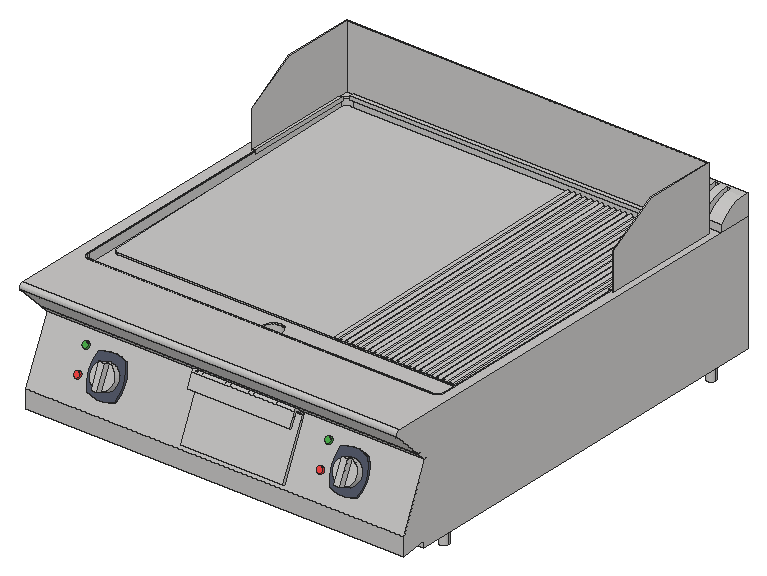
Revit family "QF_ELECTROLUXPROFESSIONAL_391358_E9IIMDAOMEA", category Specialty Equipment, Revit 2018
Family settings
  Round Connector Dimension = Use Diameter
  Part Type = Normal
  Work Plane-Based = No
  Always vertical = Yes
  Cut with Voids When Loaded = No
  Shared = No
  Room Calculation Point = No
Parameters
  Width = 800 mm  # constant formula
  Weight in Pounds = 105  # constant formula
  Watts = 15000 VA  # 15000 W
  Volts = 400 V  # constant formula
  URL Cutsheet = "www.electrolux.com"
  URL = "www.electrolux.com"
  Type Mark [instance] = ""
  Status [instance] = ""
  Specification by User [instance] = ""
  Specification by Manufacturer = ""
  Show Logo [instance] = yes
  Show Clearance [instance] = yes
  Serial Number = ""
  Seismic Rating = ""
  SMACNA No = ""
  Revision Code [instance] = ""
  Phase = 3
  Omniclass Number and Title = ""
  Number of Poles [instance] = 1
  NAFEM Spec ID Number = ""
  Model = "391070"
  Min Ckt Ampacity = 0 A
  Max Overcurrent Protection = 0 A
  Masterspec = ""
  Manufacturer = "ELECTROLUX"
  Item Number [instance] = ""
  Installed By [instance] = ""
  Identify Quantity as Lot [instance] = yes
  HP = "20.1 HP"
  Furnished By [instance] = ""
  Foodservice Equipment Identifier [instance] = yes
  FL Amps = if(Phase = 3, Watts / (Volts * 1.73), Watts / Volts)  # 21.6763 A
  Electrical Remarks [instance] = "400 V/3N ph/50/60 Hz"  # constant formula
  Electric Connection Type [instance] = ""
  Elec Conn RI Height [instance] = 0 mm
  Elec Conn Connection Height [instance] = 0 mm
  Direct Waste Size = 0"
  Description = "900XP FULL MODULE ELECTRIC FRY TOP, 2/3 SMOOTH - 1/3 RIBBED SLOPED PLATE, MILD STEEL - 400 V"
  Depth = 930 mm  # constant formula
  Cycle [instance] = if([60 Hertz Option], 60 Hz, 50 Hz)  # 60 Hz
  Conn Plug = ""
  Conn Conduit = yes
  CSI MasterFormat = ""
  CSI Master Format = ""
  Apparent Power = if(Phase = 3, Volts * FL Amps * 1.73, Volts * FL Amps)  # 15000 VA
  60 Hertz Option [instance] = not([50 Hertz Option])  # yes
  50 Hertz Option [instance] = no
Reference planes
  plane 1 "BACK": y = 0
  plane 2: z = 0
  plane 3 "LEFT": x = 0
  plane 4 "RIGHT": x = 800
  plane 5 "FRONT": y = -930
  plane 6 "TOP": z = 275
  plane 7 "Center Y": x = 400
  plane 8 "Center X": y = -465
  plane 9: y = -1045
  plane 10: z = 24
  plane 11: z = 290
  plane 12: z = 410
  plane 13: x = 11
  plane 14: x = 789
Forms (mm)
  Extrusion 1, solid, material "QF_Finishes_Stainless Steel"
    sketch origin (0, 0, 0) x (0, 1, 0) y (0, 0, 1)
      loop
        line (0, 275) -> (-922.686, 275)
        arc (-922.686, 275) -> (-929.443, 270.485) -> (-927.858, 262.514) r 7.314
        line (-927.858, 262.514) -> (-873.907, 208.563) -> (-865.773, 208.563) -> (-865.773, 206.447) -> (-871.79, 206.447) -> (-858.907, 193.563) -> (-850.773, 193.563) -> (-850.773, 191.447) -> (-856.79, 191.447) -> (-913.146, 69.003) -> (-913.146, 30.903) -> (-859.774, 36.513) -> (-859.774, 24) -> (0, 24) -> (0, 275)
    from 0 to 800
  Extrusion 2, solid, material "QF_Finishes_Stainless Steel"
    sketch origin (0, -1, 0) x (1, 0, 0) y (0, 1, 0)
      loop
        circle (11, -82) r 9.525
      loop
        circle (11, -790) r 9.525
      loop
        circle (789, -82) r 9.525
      loop
        circle (789, -790) r 9.525
    from 0 to 24
  Extrusion 3, solid, material "QF_Finishes_Stainless Steel"
    sketch origin (635, 190.152, 275) x (0, -1, 0) y (1, 0, 0)
      loop
        line (273.542, 147.97) -> (273.542, -617.97) -> (275.13, -617.97) -> (275.13, 147.97) -> (273.542, 147.97)
    from 0 to 135
  Extrusion 4, void
    sketch origin (0, 0, 275) x (0, -1, 0) y (1, 0, 0)
      loop
        arc (92.539, 37.03) -> (96.932, 26.423) -> (107.539, 22.03) r 15
        line (107.539, 22.03) -> (777.539, 22.03)
        arc (777.539, 22.03) -> (788.145, 26.423) -> (792.539, 37.03) r 15
        line (792.539, 37.03) -> (792.539, 762.97)
        arc (792.539, 762.97) -> (788.145, 773.577) -> (777.539, 777.97) r 15
        line (777.539, 777.97) -> (107.539, 777.97)
        arc (107.539, 777.97) -> (96.932, 773.577) -> (92.539, 762.97) r 15
        line (92.539, 762.97) -> (92.539, 37.03)
    from 0 to -21.588
  Sweep 5, solid, material "QF_Finishes_Stainless Steel"
    path origin (0, 0, 0) x (1, 0, 0) y (0, 1, 0)
      loop
        line (22.03, -107.539) -> (22.03, -777.539)
        arc (22.03, -777.539) -> (26.423, -788.145) -> (37.03, -792.539) r 15
        line (37.03, -792.539) -> (762.97, -792.539)
        arc (762.97, -792.539) -> (773.577, -788.145) -> (777.97, -777.539) r 15
        line (777.97, -777.539) -> (777.97, -107.539)
        arc (777.97, -107.539) -> (773.577, -96.932) -> (762.97, -92.539) r 15
        line (762.97, -92.539) -> (37.03, -92.539)
        arc (37.03, -92.539) -> (26.423, -96.932) -> (22.03, -107.539) r 15
    profile origin (22.03, -442.539, 0) x (1, 0, 0) y (0, 0, 1)
      loop
        line (0, 255) -> (1.588, 255) -> (1.588, 272.855)
        arc (1.588, 272.855) -> (1.147, 274.189) -> (0, 275) r 2.242
        line (0, 275) -> (0, 255)
  Extrusion 6, solid, material "QF_Finishes_Stainless Steel"
    sketch origin (0, 0, 0) x (1, 0, 0) y (0, 0, 1)
      loop
        line (17.03, 275.856) -> (23.926, 275.856) -> (23.926, 270.856) -> (25.514, 270.856) -> (25.514, 277.444) -> (17.03, 277.444) -> (17.03, 275.856)
      loop
        line (782.97, 275.856) -> (782.97, 277.444) -> (774.486, 277.444) -> (774.486, 270.856) -> (776.074, 270.856) -> (776.074, 275.856) -> (782.97, 275.856)
    from 105.541 to 335.39
  Extrusion 7, solid, material "QF_Finishes_Stainless Steel"
    sketch origin (0, 0, 0) x (0, 1, 0) y (0, 0, 1)
      loop
        line (-94.126, 270.856) -> (-94.126, 275.856) -> (-84.978, 275.856) -> (-84.978, 277.444) -> (-95.714, 277.444) -> (-95.714, 270.856) -> (-94.126, 270.856)
    from 32.03 to 767.97
  Extrusion 8, solid, material "QF_Finishes_Stainless Steel"
    sketch origin (0, -101.6, 24) x (-1, 0, 0) y (0, 1, 0)
      loop
        circle (-740, -482.4) r 6.35
    from 0 to 5
  Extrusion 9, solid, material "QF_Clearances", visible <- "Show Clearance", detail levels coarse
    sketch origin (0, 0, 0) x (1, 0, 0) y (0, 1, 0)
      loop
        line (0, 0) -> (800, 0) -> (800, -930) -> (900, -930) -> (900, 100) -> (-100, 100) -> (-100, -930) -> (0, -930) -> (0, 0)
    from 0 to 410
  Extrusion 10, solid, material "QF_Finishes_Stainless Steel"
    sketch origin (0, 0, 0) x (0, 1, 0) y (0, 0, 1)
      loop
        line (-792.539, 255) -> (-792.539, 253.413) -> (-92.539, 253.413) -> (-92.539, 255) -> (-792.539, 255)
    from 22.03 to 777.97
  Extrusion 11, solid, material "QF_Finishes_Stainless Steel"
    sketch origin (445, 0, 0) x (0, 1, 0) y (0, 0, 1)
      loop
        line (-858.205, 188.372) -> (-874.612, 204.778)
        arc (-874.612, 204.778) -> (-879.079, 206.181) -> (-882.783, 203.316) r 5.058
        line (-882.783, 203.316) -> (-895.445, 175.806) -> (-892.561, 174.479) -> (-879.899, 201.989)
        arc (-879.899, 201.989) -> (-878.52, 203.055) -> (-876.857, 202.533) r 1.883
        line (-876.857, 202.533) -> (-862.014, 187.69) -> (-912.848, 77.245) -> (-909.964, 75.918) -> (-858.205, 188.372)
    from -117.029 to 100
  Extrusion 12, solid, material "QF_Door-Drawer Clearances", visible <- "Show Clearance", detail levels coarse
    sketch origin (445, 0, 0) x (0, 1, 0) y (0, 0, 1)
      loop
        line (-1024.713, 174.479) -> (-1012.051, 201.989)
        arc (-1012.051, 201.989) -> (-1010.672, 203.055) -> (-1009.009, 202.533) r 1.883
        line (-1009.009, 202.533) -> (-994.166, 187.69) -> (-1045, 77.245) -> (-1042.116, 75.918) -> (-909.964, 75.918) -> (-858.205, 188.372) -> (-874.612, 204.778)
        arc (-874.612, 204.778) -> (-875.847, 205.685) -> (-877.298, 206.181) r 5.058
        line (-877.298, 206.181) -> (-1011.231, 206.181)
        arc (-1011.231, 206.181) -> (-1013.435, 205.203) -> (-1014.935, 203.316) r 5.058
        line (-1014.935, 203.316) -> (-1027.597, 175.806) -> (-1024.713, 174.479)
    from -117.029 to 100
  Extrusion 13, void
    sketch origin (328.121, 0, 0) x (1, 0, 0) y (0, 1, 0)
      loop
        circle (71.879, -758.736) r 20
    from 235.859 to 256.719
  Extrusion 14, solid, material "QF_Finishes_Stainless Steel"
    sketch origin (0, 0, 0) x (0, 1, 0) y (0, 0, 1)
      loop
        line (-83.39, 410) -> (-235.39, 410) -> (-335.39, 352.265) -> (-335.39, 275) -> (-83.39, 275) -> (-83.39, 410)
    from 15.442 to 17.03
  Extrusion 15, solid, material "QF_Finishes_Navy Blue"
    sketch origin (302.956, -912.449, 70.59) x (0, 0.419232, 0.907879) y (-1, 0, 0)
      loop
        arc (102.26, -332.62) -> (66.843, -325.139) -> (31.333, -332.16) r 90.355
        arc (31.333, -332.16) -> (24.504, -361.269) -> (31.333, -390.378) r 65.456
        arc (31.333, -390.378) -> (66.877, -399.452) -> (102.26, -389.765) r 71.728
        arc (102.26, -389.765) -> (108.852, -361.193) -> (102.26, -332.62) r 65.22
    from 0 to 3.175
  Extrusion 16, solid, material "QF_Finishes_Stainless Steel"
    sketch origin (504.206, -916.163, 70.121) x (0, 0.419232, 0.907879) y (-1, 0, 0)
      loop
        circle (68.826, -160.963) r 25.4
    from 0 to 12.7
  Extrusion 17, solid, material "QF_Finishes_Stainless Steel"
    sketch origin (504.206, -927.693, 75.445) x (0, 0.419232, 0.907879) y (-1, 0, 0)
      loop
        arc (93.558, -166.749) -> (94.226, -160.963) -> (93.558, -155.177) r 25.4
        line (93.558, -155.177) -> (44.094, -155.177)
        arc (44.094, -155.177) -> (43.426, -160.963) -> (44.094, -166.749) r 25.4
        line (44.094, -166.749) -> (93.558, -166.749)
    from 0 to 12.7
  Extrusion 18, solid, material "QF_Finishes_Green"
    sketch origin (316.698, -908.494, 79.155) x (0, 0.419232, 0.907879) y (-1, 0, 0)
      loop
        circle (94.749, -290.848) r 6.35
    from 0 to 3.175
  Extrusion 19, solid, material "QF_Finishes_Red"
    sketch origin (316.698, -930.457, 31.593) x (0, 0.419232, 0.907879) y (-1, 0, 0)
      loop
        circle (95.112, -290.848) r 6.35
    from 0 to 3.175
  Extrusion 20, solid, material "QF_Finishes_Stainless Steel"
    sketch origin (800, 0, 0) x (0, 1, 0) y (0, 0, -1)
      loop
        line (-83.39, -410) -> (-83.39, -275) -> (-335.39, -275) -> (-335.39, -352.265) -> (-235.39, -410) -> (-83.39, -410)
    from 15.442 to 17.03
  Extrusion 21, solid, material "QF_Finishes_Navy Blue"
    sketch origin (-212.044, -912.449, 70.59) x (0, 0.419232, 0.907879) y (-1, 0, 0)
      loop
        arc (102.26, -332.62) -> (66.843, -325.139) -> (31.333, -332.16) r 90.355
        arc (31.333, -332.16) -> (24.504, -361.269) -> (31.333, -390.378) r 65.456
        arc (31.333, -390.378) -> (66.877, -399.452) -> (102.26, -389.765) r 71.728
        arc (102.26, -389.765) -> (108.852, -361.193) -> (102.26, -332.62) r 65.22
    from 0 to 3.175
  Extrusion 22, solid, material "QF_Finishes_Stainless Steel"
    sketch origin (-10.794, -916.163, 70.121) x (0, 0.419232, 0.907879) y (-1, 0, 0)
      loop
        circle (68.826, -160.963) r 25.4
    from 0 to 12.7
  Extrusion 23, solid, material "QF_Finishes_Stainless Steel"
    sketch origin (-10.794, -927.693, 75.445) x (0, 0.419232, 0.907879) y (-1, 0, 0)
      loop
        arc (93.558, -166.749) -> (94.226, -160.963) -> (93.558, -155.177) r 25.4
        line (93.558, -155.177) -> (44.094, -155.177)
        arc (44.094, -155.177) -> (43.426, -160.963) -> (44.094, -166.749) r 25.4
        line (44.094, -166.749) -> (93.558, -166.749)
    from 0 to 12.7
  Extrusion 24, solid, material "QF_Finishes_Green"
    sketch origin (-198.302, -908.494, 79.155) x (0, 0.419232, 0.907879) y (-1, 0, 0)
      loop
        circle (94.749, -290.848) r 6.35
    from 0 to 3.175
  Extrusion 25, solid, material "QF_Finishes_Red"
    sketch origin (-198.302, -930.457, 31.593) x (0, 0.419232, 0.907879) y (-1, 0, 0)
      loop
        circle (95.112, -290.848) r 6.35
    from 0 to 3.175
  Extrusion 26, solid, material "QF_Finishes_Stainless Steel"
    sketch origin (0, 0, -10.038) x (0, 1, 0) y (0, 0, 1)
      loop
        line (0, 285.038) -> (0, 331.738)
        arc (0, 331.738) -> (-38.857, 324.552) -> (-69.85, 300.038) r 82.056
        line (-69.85, 300.038) -> (-69.85, 285.038) -> (0, 285.038)
    from 0 to 400
  Extrusion 27, void
    sketch origin (0, 0, 264.6) x (0, -1, 0) y (1, 0, 0)
      loop
        line (6.761, 29.703) -> (63.911, 29.703) -> (63.911, 38.999) -> (6.761, 38.999) -> (6.761, 29.703)
      loop
        line (63.911, 64.487) -> (6.761, 64.487) -> (6.761, 55.191) -> (63.911, 55.191) -> (63.911, 64.487)
      loop
        line (63.911, 89.975) -> (6.761, 89.975) -> (6.761, 80.68) -> (63.911, 80.68) -> (63.911, 89.975)
      loop
        line (63.911, 115.464) -> (6.761, 115.464) -> (6.761, 106.168) -> (63.911, 106.168) -> (63.911, 115.464)
      loop
        line (63.911, 140.952) -> (6.761, 140.952) -> (6.761, 131.656) -> (63.911, 131.656) -> (63.911, 140.952)
      loop
        line (63.911, 166.44) -> (6.761, 166.44) -> (6.761, 157.145) -> (63.911, 157.145) -> (63.911, 166.44)
      loop
        line (63.911, 191.929) -> (6.761, 191.929) -> (6.761, 182.633) -> (63.911, 182.633) -> (63.911, 191.929)
      loop
        line (63.911, 217.417) -> (6.761, 217.417) -> (6.761, 208.121) -> (63.911, 208.121) -> (63.911, 217.417)
      loop
        line (63.911, 242.905) -> (6.761, 242.905) -> (6.761, 233.61) -> (63.911, 233.61) -> (63.911, 242.905)
      loop
        line (63.911, 268.394) -> (6.761, 268.394) -> (6.761, 259.098) -> (63.911, 259.098) -> (63.911, 268.394)
      loop
        line (63.911, 293.882) -> (6.761, 293.882) -> (6.761, 284.586) -> (63.911, 284.586) -> (63.911, 293.882)
      loop
        line (63.911, 319.37) -> (6.761, 319.37) -> (6.761, 310.075) -> (63.911, 310.075) -> (63.911, 319.37)
      loop
        line (63.911, 344.859) -> (6.761, 344.859) -> (6.761, 335.563) -> (63.911, 335.563) -> (63.911, 344.859)
      loop
        line (63.911, 370.347) -> (6.761, 370.347) -> (6.761, 361.051) -> (63.911, 361.051) -> (63.911, 370.347)
    from 25.4 to 63.5
  Extrusion 28, solid, material "QF_Finishes_Stainless Steel"
    sketch origin (800, 0, -10.038) x (0, 1, 0) y (0, 0, -1)
      loop
        line (0, -285.038) -> (-69.85, -285.038) -> (-69.85, -300.038)
        arc (-69.85, -300.038) -> (-38.857, -324.552) -> (0, -331.738) r 82.056
        line (0, -331.738) -> (0, -285.038)
    from 0 to 400
  Extrusion 29, void
    sketch origin (800, 0, 264.6) x (0, -1, 0) y (1, 0, 0)
      loop
        line (6.761, -29.703) -> (6.761, -38.999) -> (63.911, -38.999) -> (63.911, -29.703) -> (6.761, -29.703)
      loop
        line (63.911, -64.487) -> (63.911, -55.191) -> (6.761, -55.191) -> (6.761, -64.487) -> (63.911, -64.487)
      loop
        line (63.911, -89.975) -> (63.911, -80.68) -> (6.761, -80.68) -> (6.761, -89.975) -> (63.911, -89.975)
      loop
        line (63.911, -115.464) -> (63.911, -106.168) -> (6.761, -106.168) -> (6.761, -115.464) -> (63.911, -115.464)
      loop
        line (63.911, -140.952) -> (63.911, -131.656) -> (6.761, -131.656) -> (6.761, -140.952) -> (63.911, -140.952)
      loop
        line (63.911, -166.44) -> (63.911, -157.145) -> (6.761, -157.145) -> (6.761, -166.44) -> (63.911, -166.44)
      loop
        line (63.911, -191.929) -> (63.911, -182.633) -> (6.761, -182.633) -> (6.761, -191.929) -> (63.911, -191.929)
      loop
        line (63.911, -217.417) -> (63.911, -208.121) -> (6.761, -208.121) -> (6.761, -217.417) -> (63.911, -217.417)
      loop
        line (63.911, -242.905) -> (63.911, -233.61) -> (6.761, -233.61) -> (6.761, -242.905) -> (63.911, -242.905)
      loop
        line (63.911, -268.394) -> (63.911, -259.098) -> (6.761, -259.098) -> (6.761, -268.394) -> (63.911, -268.394)
      loop
        line (63.911, -293.882) -> (63.911, -284.586) -> (6.761, -284.586) -> (6.761, -293.882) -> (63.911, -293.882)
      loop
        line (63.911, -319.37) -> (63.911, -310.075) -> (6.761, -310.075) -> (6.761, -319.37) -> (63.911, -319.37)
      loop
        line (63.911, -344.859) -> (63.911, -335.563) -> (6.761, -335.563) -> (6.761, -344.859) -> (63.911, -344.859)
      loop
        line (63.911, -370.347) -> (63.911, -361.051) -> (6.761, -361.051) -> (6.761, -370.347) -> (63.911, -370.347)
    from 25.4 to 63.5
  Extrusion 30, solid, material "QF_Finishes_Stainless Steel"
    sketch origin (0, 0, 0) x (0, 1, 0) y (0, 0, 1)
      loop
        line (-722.539, 256.999) -> (-722.539, 255) -> (-105.406, 255) -> (-105.406, 265.217) -> (-722.539, 256.999)
    from 32.03 to 767.97
  Sweep 31, solid, material "QF_Finishes_Stainless Steel"
    path origin (1197.595, 30.508, -0.106) x (0, 1, 0) y (0, 0, -1)
      loop
        line (-135.915, -265.323) -> (-752.997, -257.106)
    profile origin (1197.595, -413.948, 261.109) x (0, -0.013315, 0.999911) y (-1, 0, 0)
      loop
        line (0, 662.144) -> (0, 654.391) -> (3.736, 658.268) -> (0, 662.144)
      loop
        line (0, 650.01) -> (0, 642.256) -> (3.736, 646.133) -> (0, 650.01)
      loop
        line (0, 637.875) -> (0, 630.122) -> (3.736, 633.999) -> (0, 637.875)
      loop
        line (0, 625.741) -> (0, 617.987) -> (3.736, 621.864) -> (0, 625.741)
      loop
        line (0, 613.606) -> (0, 605.853) -> (3.736, 609.73) -> (0, 613.606)
      loop
        line (0, 601.472) -> (0, 593.718) -> (3.736, 597.595) -> (0, 601.472)
      loop
        line (0, 589.337) -> (0, 581.584) -> (3.736, 585.46) -> (0, 589.337)
      loop
        line (0, 577.203) -> (0, 569.449) -> (3.736, 573.326) -> (0, 577.203)
      loop
        line (0, 565.068) -> (0, 557.315) -> (3.736, 561.191) -> (0, 565.068)
      loop
        line (0, 552.934) -> (0, 545.18) -> (3.736, 549.057) -> (0, 552.934)
      loop
        line (0, 540.799) -> (0, 533.046) -> (3.736, 536.922) -> (0, 540.799)
      loop
        line (0, 528.665) -> (0, 520.911) -> (3.736, 524.788) -> (0, 528.665)
      loop
        line (0, 516.53) -> (0, 508.777) -> (3.736, 512.653) -> (0, 516.53)
      loop
        line (0, 504.396) -> (0, 496.642) -> (3.736, 500.519) -> (0, 504.396)
      loop
        line (0, 492.261) -> (0, 484.508) -> (3.736, 488.384) -> (0, 492.261)
      loop
        line (0, 480.127) -> (0, 472.373) -> (3.736, 476.25) -> (0, 480.127)
      loop
        line (0, 467.992) -> (0, 460.239) -> (3.736, 464.115) -> (0, 467.992)
      loop
        line (0, 455.857) -> (0, 448.104) -> (3.736, 451.981) -> (0, 455.857)
      loop
        line (0, 443.723) -> (0, 435.969) -> (3.736, 439.846) -> (0, 443.723)
      loop
        line (0, 686.413) -> (0, 678.66) -> (3.736, 682.537) -> (0, 686.413)
      loop
        line (0, 674.279) -> (0, 666.525) -> (3.736, 670.402) -> (0, 674.279)
      loop
        line (0, 698.548) -> (0, 690.794) -> (3.736, 694.671) -> (0, 698.548)
  Extrusion 32, void
    sketch origin (0, 0, 0) x (1, 0, 0) y (0, 1, 0)
      loop
        arc (42.03, -722.539) -> (34.958, -719.61) -> (32.03, -712.539) r 10
        line (32.03, -712.539) -> (32.03, -722.539) -> (42.03, -722.539)
      loop
        line (757.97, -722.539) -> (767.97, -722.539) -> (767.97, -712.539)
        arc (767.97, -712.539) -> (765.042, -719.61) -> (757.97, -722.539) r 10
      loop
        line (42.03, -105.406) -> (32.03, -105.406) -> (32.03, -115.406)
        arc (32.03, -115.406) -> (34.958, -108.335) -> (42.03, -105.406) r 10
      loop
        arc (757.97, -105.406) -> (765.042, -108.335) -> (767.97, -115.406) r 10
        line (767.97, -115.406) -> (767.97, -105.406) -> (757.97, -105.406)
    from 255 to 270.856
Cuts and joins
  Extrusion 4, Extrusion 13 cuts Extrusion 1
  Extrusion 13 cuts Extrusion 10
  joined: Extrusion 3, Extrusion 14, Extrusion 20
  Extrusion 27, Extrusion 29 cuts Extrusion 26
  Extrusion 29 cuts Extrusion 28
  Extrusion 32 cuts Extrusion 30
Lines and regions (mm)
  symbolic lines, style "QF_Clearances", visible <- "Show Clearance", detail levels coarse
    curve 1: line (900, -930, 0) -> (900, 100, 0)
    curve 2: line (900, 100, 0) -> (-100, 100, 0)
    curve 3: line (-100, 100, 0) -> (-100, -930, 0)
  symbolic lines, style "QF_Door-Drawer Clearances"
    curve 4: line (327.971, -930, 0) -> (327.971, -1045, 0)
    curve 5: line (327.971, -1045, 0) -> (545, -1045, 0)
    curve 6: line (545, -930, 0) -> (545, -1045, 0)
  symbolic lines
    curve 7: line (0, -930, 0) -> (800, -930, 0)
    curve 8: line (800, -930, 0) -> (800, 0, 0)
    curve 9: line (800, 0, 0) -> (0, 0, 0)
    curve 10: line (0, 0, 0) -> (0, -930, 0)
    curve 11: line (762.97, -792.539, 0) -> (37.03, -792.539, 0)
    curve 12: arc (37.03, -792.539, 0) -> (26.423, -788.145, 0) -> (22.03, -777.539, 0) r 15
    curve 13: line (22.03, -777.539, 0) -> (22.03, -335.39, 0)
    curve 14: arc (22.163, -105.541, 0) -> (25.387, -98.081, 0) -> (32.03, -93.397, 0) r 15
    curve 15: arc (767.97, -93.397, 0) -> (774.613, -98.081, 0) -> (777.837, -105.541, 0) r 15
    curve 16: line (777.97, -335.39, 0) -> (777.97, -777.539, 0)
    curve 17: arc (777.97, -777.539, 0) -> (773.577, -788.145, 0) -> (762.97, -792.539, 0) r 15
    curve 18: line (757.97, -722.539, 0) -> (42.03, -722.539, 0)
    curve 19: arc (42.03, -722.539, 0) -> (34.958, -719.61, 0) -> (32.03, -712.539, 0) r 10
    curve 20: line (32.03, -712.539, 0) -> (32.03, -115.406, 0)
    curve 21: arc (32.03, -115.406, 0) -> (34.958, -108.335, 0) -> (42.03, -105.406, 0) r 10
    curve 22: line (42.03, -105.406, 0) -> (757.97, -105.406, 0)
    curve 23: arc (757.97, -105.406, 0) -> (765.042, -108.335, 0) -> (767.97, -115.406, 0) r 10
    curve 24: line (767.97, -115.406, 0) -> (767.97, -712.539, 0)
    curve 25: arc (767.97, -712.539, 0) -> (765.042, -719.61, 0) -> (757.97, -722.539, 0) r 10
    curve 26: line (15.442, -83.39, 0) -> (15.442, -335.39, 0)
    curve 27: line (784.558, -83.39, 0) -> (15.442, -83.39, 0)
    curve 28: line (784.558, -335.39, 0) -> (784.558, -83.39, 0)
    curve 29: line (767.97, -95.714, 0) -> (767.97, -83.39, 0)
    curve 30: line (32.03, -95.714, 0) -> (767.97, -95.714, 0)
    curve 31: line (32.03, -83.39, 0) -> (32.03, -95.714, 0)
    curve 32: line (784.558, -105.541, 0) -> (774.486, -105.541, 0)
    curve 33: line (25.514, -335.39, 0) -> (25.514, -105.541, 0)
    curve 34: line (15.442, -335.39, 0) -> (25.514, -335.39, 0)
    curve 35: line (774.486, -105.541, 0) -> (774.486, -335.39, 0)
    curve 36: line (774.486, -335.39, 0) -> (784.558, -335.39, 0)
    curve 37: line (25.514, -105.541, 0) -> (15.442, -105.541, 0)
    curve 38: line (38.999, -6.761, 0) -> (38.999, -63.911, 0)
    curve 39: line (38.999, -63.911, 0) -> (29.703, -63.911, 0)
    curve 40: line (29.703, -63.911, 0) -> (29.703, -6.761, 0)
    curve 41: line (29.703, -6.761, 0) -> (38.999, -6.761, 0)
    curve 42: line (55.191, -63.911, 0) -> (55.191, -6.761, 0)
    curve 43: line (55.191, -6.761, 0) -> (64.487, -6.761, 0)
    curve 44: line (64.487, -6.761, 0) -> (64.487, -63.911, 0)
    curve 45: line (64.487, -63.911, 0) -> (55.191, -63.911, 0)
    curve 46: line (89.975, -6.761, 0) -> (89.975, -63.911, 0)
    curve 47: line (89.975, -63.911, 0) -> (80.68, -63.911, 0)
    curve 48: line (80.68, -63.911, 0) -> (80.68, -6.761, 0)
    curve 49: line (80.68, -6.761, 0) -> (89.975, -6.761, 0)
    curve 50: line (115.464, -6.761, 0) -> (115.464, -63.911, 0)
    curve 51: line (115.464, -63.911, 0) -> (106.168, -63.911, 0)
    curve 52: line (106.168, -63.911, 0) -> (106.168, -6.761, 0)
    curve 53: line (106.168, -6.761, 0) -> (115.464, -6.761, 0)
    curve 54: line (140.952, -6.761, 0) -> (140.952, -63.911, 0)
    curve 55: line (140.952, -63.911, 0) -> (131.656, -63.911, 0)
    curve 56: line (131.656, -63.911, 0) -> (131.656, -6.761, 0)
    curve 57: line (131.656, -6.761, 0) -> (140.952, -6.761, 0)
    curve 58: line (166.44, -6.761, 0) -> (166.44, -63.911, 0)
    curve 59: line (166.44, -63.911, 0) -> (157.145, -63.911, 0)
    curve 60: line (157.145, -63.911, 0) -> (157.145, -6.761, 0)
    curve 61: line (157.145, -6.761, 0) -> (166.44, -6.761, 0)
    curve 62: line (191.929, -6.761, 0) -> (191.929, -63.911, 0)
    curve 63: line (191.929, -63.911, 0) -> (182.633, -63.911, 0)
    curve 64: line (182.633, -63.911, 0) -> (182.633, -6.761, 0)
    curve 65: line (182.633, -6.761, 0) -> (191.929, -6.761, 0)
    curve 66: line (208.121, -63.911, 0) -> (208.121, -6.761, 0)
    curve 67: line (208.121, -6.761, 0) -> (217.417, -6.761, 0)
    curve 68: line (217.417, -6.761, 0) -> (217.417, -63.911, 0)
    curve 69: line (217.417, -63.911, 0) -> (208.121, -63.911, 0)
    curve 70: line (767.97, -83.39, 0) -> (767.97, -95.714, 0)
    curve 71: line (361.001, -6.761, 0) -> (361.001, -63.911, 0)
    curve 72: line (361.001, -63.911, 0) -> (370.297, -63.911, 0)
    curve 73: line (370.297, -63.911, 0) -> (370.297, -6.761, 0)
    curve 74: line (370.297, -6.761, 0) -> (361.001, -6.761, 0)
    curve 75: line (344.809, -63.911, 0) -> (344.809, -6.761, 0)
    curve 76: line (344.809, -6.761, 0) -> (335.513, -6.761, 0)
    curve 77: line (335.513, -6.761, 0) -> (335.513, -63.911, 0)
    curve 78: line (335.513, -63.911, 0) -> (344.809, -63.911, 0)
    curve 79: line (310.025, -6.761, 0) -> (310.025, -63.911, 0)
    curve 80: line (310.025, -63.911, 0) -> (319.32, -63.911, 0)
    curve 81: line (319.32, -63.911, 0) -> (319.32, -6.761, 0)
    curve 82: line (319.32, -6.761, 0) -> (310.025, -6.761, 0)
    curve 83: line (284.536, -6.761, 0) -> (284.536, -63.911, 0)
    curve 84: line (284.536, -63.911, 0) -> (293.832, -63.911, 0)
    curve 85: line (293.832, -63.911, 0) -> (293.832, -6.761, 0)
    curve 86: line (293.832, -6.761, 0) -> (284.536, -6.761, 0)
    curve 87: line (259.048, -6.761, 0) -> (259.048, -63.911, 0)
    curve 88: line (259.048, -63.911, 0) -> (268.344, -63.911, 0)
    curve 89: line (268.344, -63.911, 0) -> (268.344, -6.761, 0)
    curve 90: line (268.344, -6.761, 0) -> (259.048, -6.761, 0)
    curve 91: line (233.56, -6.761, 0) -> (233.56, -63.911, 0)
    curve 92: line (233.56, -63.911, 0) -> (242.855, -63.911, 0)
    curve 93: line (242.855, -63.911, 0) -> (242.855, -6.761, 0)
    curve 94: line (242.855, -6.761, 0) -> (233.56, -6.761, 0)
    curve 95: arc (380, -758.736, 0) -> (400, -738.736, 0) -> (420, -758.736, 0) r 20
    curve 96: arc (380, -758.736, 0) -> (400, -778.736, 0) -> (420, -758.736, 0) r 20
    curve 97: arc (777.837, -105.541, 0) -> (774.613, -98.081, 0) -> (767.97, -93.397, 0) r 15
    curve 98: arc (767.97, -115.406, 0) -> (765.042, -108.335, 0) -> (757.97, -105.406, 0) r 10
    curve 99: line (767.97, -83.39, 0) -> (767.97, -95.714, 0)
    curve 100: line (761.001, -6.761, 0) -> (761.001, -63.911, 0)
    curve 101: line (761.001, -63.911, 0) -> (770.297, -63.911, 0)
    curve 102: line (770.297, -63.911, 0) -> (770.297, -6.761, 0)
    curve 103: line (770.297, -6.761, 0) -> (761.001, -6.761, 0)
    curve 104: line (744.809, -63.911, 0) -> (744.809, -6.761, 0)
    curve 105: line (744.809, -6.761, 0) -> (735.513, -6.761, 0)
    curve 106: line (735.513, -6.761, 0) -> (735.513, -63.911, 0)
    curve 107: line (735.513, -63.911, 0) -> (744.809, -63.911, 0)
    curve 108: line (710.025, -6.761, 0) -> (710.025, -63.911, 0)
    curve 109: line (710.025, -63.911, 0) -> (719.32, -63.911, 0)
    curve 110: line (719.32, -63.911, 0) -> (719.32, -6.761, 0)
    curve 111: line (719.32, -6.761, 0) -> (710.025, -6.761, 0)
    curve 112: line (684.536, -6.761, 0) -> (684.536, -63.911, 0)
    curve 113: line (684.536, -63.911, 0) -> (693.832, -63.911, 0)
    curve 114: line (693.832, -63.911, 0) -> (693.832, -6.761, 0)
    curve 115: line (693.832, -6.761, 0) -> (684.536, -6.761, 0)
    curve 116: line (659.048, -6.761, 0) -> (659.048, -63.911, 0)
    curve 117: line (659.048, -63.911, 0) -> (668.344, -63.911, 0)
    curve 118: line (668.344, -63.911, 0) -> (668.344, -6.761, 0)
    curve 119: line (668.344, -6.761, 0) -> (659.048, -6.761, 0)
    curve 120: line (633.56, -6.761, 0) -> (633.56, -63.911, 0)
    curve 121: line (633.56, -63.911, 0) -> (642.855, -63.911, 0)
    curve 122: line (642.855, -63.911, 0) -> (642.855, -6.761, 0)
    curve 123: line (642.855, -6.761, 0) -> (633.56, -6.761, 0)
    curve 124: line (608.071, -6.761, 0) -> (608.071, -63.911, 0)
    curve 125: line (608.071, -63.911, 0) -> (617.367, -63.911, 0)
    curve 126: line (617.367, -63.911, 0) -> (617.367, -6.761, 0)
    curve 127: line (617.367, -6.761, 0) -> (608.071, -6.761, 0)
    curve 128: line (591.879, -63.911, 0) -> (591.879, -6.761, 0)
    curve 129: line (591.879, -6.761, 0) -> (582.583, -6.761, 0)
    curve 130: line (582.583, -6.761, 0) -> (582.583, -63.911, 0)
    curve 131: line (582.583, -63.911, 0) -> (591.879, -63.911, 0)
    curve 132: line (438.999, -6.761, 0) -> (438.999, -63.911, 0)
    curve 133: line (438.999, -63.911, 0) -> (429.703, -63.911, 0)
    curve 134: line (429.703, -63.911, 0) -> (429.703, -6.761, 0)
    curve 135: line (429.703, -6.761, 0) -> (438.999, -6.761, 0)
    curve 136: line (455.191, -63.911, 0) -> (455.191, -6.761, 0)
    curve 137: line (455.191, -6.761, 0) -> (464.487, -6.761, 0)
    curve 138: line (464.487, -6.761, 0) -> (464.487, -63.911, 0)
    curve 139: line (464.487, -63.911, 0) -> (455.191, -63.911, 0)
    curve 140: line (489.975, -6.761, 0) -> (489.975, -63.911, 0)
    curve 141: line (489.975, -63.911, 0) -> (480.68, -63.911, 0)
    curve 142: line (480.68, -63.911, 0) -> (480.68, -6.761, 0)
    curve 143: line (480.68, -6.761, 0) -> (489.975, -6.761, 0)
    curve 144: line (515.464, -6.761, 0) -> (515.464, -63.911, 0)
    curve 145: line (515.464, -63.911, 0) -> (506.168, -63.911, 0)
    curve 146: line (506.168, -63.911, 0) -> (506.168, -6.761, 0)
    curve 147: line (506.168, -6.761, 0) -> (515.464, -6.761, 0)
    curve 148: line (540.952, -6.761, 0) -> (540.952, -63.911, 0)
    curve 149: line (540.952, -63.911, 0) -> (531.656, -63.911, 0)
    curve 150: line (531.656, -63.911, 0) -> (531.656, -6.761, 0)
    curve 151: line (531.656, -6.761, 0) -> (540.952, -6.761, 0)
    curve 152: line (566.44, -6.761, 0) -> (566.44, -63.911, 0)
    curve 153: line (566.44, -63.911, 0) -> (557.145, -63.911, 0)
    curve 154: line (557.145, -63.911, 0) -> (557.145, -6.761, 0)
    curve 155: line (557.145, -6.761, 0) -> (566.44, -6.761, 0)
    curve 156: line (757.749, -722.539, 0) -> (757.749, -105.456, 0)
    curve 157: line (745.614, -722.539, 0) -> (745.614, -105.406, 0)
    curve 158: line (733.48, -722.539, 0) -> (733.48, -105.406, 0)
    curve 159: line (721.345, -722.539, 0) -> (721.345, -105.406, 0)
    curve 160: line (709.211, -722.539, 0) -> (709.211, -105.406, 0)
    curve 161: line (697.076, -722.539, 0) -> (697.076, -105.406, 0)
    curve 162: line (684.942, -722.539, 0) -> (684.942, -105.406, 0)
    curve 163: line (672.807, -722.539, 0) -> (672.807, -105.406, 0)
    curve 164: line (660.673, -722.539, 0) -> (660.673, -105.406, 0)
    curve 165: line (648.538, -722.539, 0) -> (648.538, -105.406, 0)
    curve 166: line (636.404, -722.539, 0) -> (636.404, -105.406, 0)
    curve 167: line (624.269, -722.539, 0) -> (624.269, -105.406, 0)
    curve 168: line (612.135, -722.539, 0) -> (612.135, -105.406, 0)
    curve 169: line (600, -722.539, 0) -> (600, -105.406, 0)
    curve 170: line (587.865, -722.539, 0) -> (587.865, -105.406, 0)
    curve 171: line (575.731, -722.539, 0) -> (575.731, -105.406, 0)
    curve 172: line (563.596, -722.539, 0) -> (563.596, -105.406, 0)
    curve 173: line (551.462, -722.539, 0) -> (551.462, -105.406, 0)
    curve 174: line (539.327, -722.539, 0) -> (539.327, -105.406, 0)
    curve 175: line (527.193, -722.539, 0) -> (527.193, -105.406, 0)
    curve 176: line (515.058, -722.539, 0) -> (515.058, -105.406, 0)
    curve 177: line (502.924, -722.539, 0) -> (502.924, -105.406, 0)
    curve 178: line (0, -69.85, 0) -> (800, -69.85, 0)
    curve 179: line (400, -69.85, 0) -> (400, 0, 0)
Dimensions and locks
  equal spacing: plane 3 "LEFT", plane 7 "Center Y", plane 4 "RIGHT"
  "Width": plane 3 "LEFT" to plane 4 "RIGHT"
  equal spacing: plane 5 "FRONT", plane 8 "Center X", plane 1 "BACK"
  "Depth": plane 5 "FRONT" to plane 1 "BACK"
  plane 6 "TOP" to level = 275 mm
  plane 1 "BACK" to plane 9 = 1045 mm  (x2)
  plane 10 to level = 24 mm  (x2)
  plane 11 to plane 10 = 266 mm
  plane 6 "TOP" to plane 10 = 251 mm
  plane 12 to level = 410 mm  (x2)
  plane 12 to plane 10 = 386 mm
  plane 13 to plane 3 "LEFT" = 11 mm
  locked: plane 14 to plane 4 "RIGHT" at 11
  plane 1 "BACK" to plane 5 "FRONT" = 930 mm
  Extrusion 8 to plane 10 = 5 mm
  plane 1 "BACK" to Extrusion 8 = 584 mm
  plane 1 "BACK" to Extrusion 2 to Extrusion 2 to plane 5 "FRONT" = 83 mm, 708 mm, 139 mm
  plane 13 to plane 14 = 778 mm
  Extrusion 8 sketch curve to plane 4 "RIGHT" = 60 mm
  Extrusion 8 sketch curve to plane 1 "BACK" = 584 mm
  aligned and locked: level to plane 2
  aligned and locked: Extrusion 1 to plane 4 "RIGHT"
Automatic sketch dimensions
  Extrusion 1 sketch curve to plane 6 "TOP" = 0 mm
  Extrusion 1 sketch curve to plane 10 = 0 mm
  Extrusion 1 sketch curve to plane 1 "BACK" = 0 mm
  Extrusion 1 sketch curve to plane 5 "FRONT" = 79.227 mm
  Extrusion 1 sketch curve to Extrusion 1 sketch curve = 6.017 mm  (x2)
  Extrusion 1 sketch curve to Extrusion 1 sketch curve = 2.117 mm  (x4)
  plane 10 to Extrusion 1 sketch curve = 12.513 mm
  Extrusion 1 sketch curve to plane 5 "FRONT" = 70.226 mm
  Extrusion 1 sketch curve to Extrusion 1 sketch curve = 6.866 mm
  Extrusion 1 sketch curve to plane 5 "FRONT" = 16.854 mm
  Extrusion 1 sketch curve to plane 5 "FRONT" = 7.314 mm
  Extrusion 1 sketch curve to plane 5 "FRONT" = 2.142 mm
  plane 10 to Extrusion 1 sketch curve = 6.903 mm
  Extrusion 1 sketch curve to Extrusion 1 sketch curve = 38.1 mm
  Extrusion 1 sketch curve to plane 6 "TOP" = 83.553 mm
  Extrusion 1 sketch curve to Extrusion 1 sketch curve = 12.883 mm
  Extrusion 1 sketch curve to plane 6 "TOP" = 12.486 mm
  Extrusion 2 sketch curve to plane 13 = 0 mm  (x2)
  Extrusion 2 sketch curve to plane 14 = 0 mm  (x2)
  Extrusion 2 sketch curve to plane 5 "FRONT" = 139 mm  (x2)
  plane 1 "BACK" to Extrusion 2 sketch curve = 83 mm  (x2)
  plane 13 to Sweep 5 sketch curve = 11.03 mm
  Sweep 5 sketch curve to Sweep 5 sketch curve = 15 mm  (x2)
  plane 14 to Sweep 5 sketch curve = 26.03 mm  (x2)
  plane 14 to Sweep 5 sketch curve = 11.03 mm
  Sweep 5 sketch curve to plane 5 "FRONT" = 137.461 mm
  plane 1 "BACK" to Sweep 5 sketch curve = 107.539 mm
  profile plane to Sweep 5 sketch curve = 0 mm
  profile plane to Sweep 5 sketch curve = 0.655 mm
  Sweep 5 sketch curve to profile plane = 1.588 mm
  level to Sweep 5 sketch curve = 255 mm
  Sweep 5 sketch curve to Sweep 5 sketch curve = 17.855 mm
  plane 6 "TOP" to Extrusion 6 sketch curve = 0.856 mm  (x2)
  plane 13 to Extrusion 6 sketch curve = 6.03 mm
  Extrusion 6 sketch curve to plane 6 "TOP" = 4.144 mm  (x2)
  Extrusion 6 sketch curve to Extrusion 6 sketch curve = 6.896 mm
  Extrusion 6 sketch curve to Extrusion 6 sketch curve = 1.588 mm  (x3)
  plane 14 to Extrusion 6 sketch curve = 14.514 mm
  plane 6 "TOP" to Extrusion 6 sketch curve = 2.444 mm
  plane 14 to Extrusion 6 sketch curve = 6.03 mm
  plane 6 "TOP" to Extrusion 7 sketch curve = 2.444 mm
  plane 1 "BACK" to Extrusion 7 sketch curve = 95.714 mm
  Extrusion 7 sketch curve to Extrusion 7 sketch curve = 1.588 mm
  Extrusion 7 sketch curve to Extrusion 7 sketch curve = 9.149 mm
  plane 6 "TOP" to Extrusion 7 sketch curve = 0.856 mm
  Extrusion 7 sketch curve to plane 6 "TOP" = 4.144 mm
  Extrusion 10 sketch curve to plane 6 "TOP" = 21.587 mm
  Extrusion 10 sketch curve to plane 5 "FRONT" = 137.461 mm
  plane 1 "BACK" to Extrusion 10 sketch curve = 92.539 mm
  Extrusion 10 sketch curve to Extrusion 10 sketch curve = 1.588 mm
  Extrusion 11 sketch curve to Extrusion 11 sketch curve = 0 mm  (x2)
  Extrusion 11 sketch curve to plane 5 "FRONT" = 17.152 mm
  Extrusion 11 sketch curve to Extrusion 11 sketch curve = 2.884 mm  (x3)
  Extrusion 11 sketch curve to plane 5 "FRONT" = 34.555 mm
  Extrusion 11 sketch curve to Extrusion 11 sketch curve = 12.662 mm
  Extrusion 11 sketch curve to Extrusion 11 sketch curve = 1.711 mm
  Extrusion 11 sketch curve to Extrusion 11 sketch curve = 1.332 mm
  Extrusion 11 sketch curve to Extrusion 11 sketch curve = 2.245 mm
  Extrusion 11 sketch curve to Extrusion 11 sketch curve = 14.843 mm
  Extrusion 11 sketch curve to Extrusion 11 sketch curve = 3.809 mm
  plane 10 to Extrusion 11 sketch curve = 51.918 mm
  Extrusion 11 sketch curve to Extrusion 11 sketch curve = 1.327 mm  (x2)
  Extrusion 11 sketch curve to Extrusion 11 sketch curve = 13.211 mm
  Extrusion 11 sketch curve to Extrusion 11 sketch curve = 0.787 mm
  Extrusion 12 sketch curve to Extrusion 12 sketch curve = 0 mm  (x2)
  Extrusion 12 sketch curve to plane 9 = 0 mm
  plane 9 to Extrusion 12 sketch curve = 2.884 mm
  plane 9 to Extrusion 12 sketch curve = 17.403 mm
  Extrusion 12 sketch curve to Extrusion 12 sketch curve = 2.884 mm  (x2)
  plane 9 to Extrusion 12 sketch curve = 30.065 mm
  Extrusion 12 sketch curve to Extrusion 12 sketch curve = 0.82 mm
  Extrusion 12 sketch curve to Extrusion 12 sketch curve = 1.711 mm
  Extrusion 12 sketch curve to Extrusion 12 sketch curve = 1.332 mm
  Extrusion 12 sketch curve to Extrusion 12 sketch curve = 14.843 mm
  Extrusion 12 sketch curve to plane 5 "FRONT" = 20.036 mm
  Extrusion 12 sketch curve to plane 5 "FRONT" = 51.812 mm
  Extrusion 12 sketch curve to Extrusion 12 sketch curve = 0.891 mm
  Extrusion 12 sketch curve to Extrusion 12 sketch curve = 2.686 mm
  Extrusion 12 sketch curve to Extrusion 12 sketch curve = 16.406 mm
  plane 10 to Extrusion 12 sketch curve = 51.918 mm
  Extrusion 12 sketch curve to Extrusion 12 sketch curve = 1.327 mm  (x2)
  Extrusion 12 sketch curve to Extrusion 12 sketch curve = 13.211 mm
  Extrusion 12 sketch curve to plane 6 "TOP" = 86.628 mm
  Extrusion 12 sketch curve to Extrusion 12 sketch curve = 0.787 mm
  Extrusion 12 sketch curve to Extrusion 12 sketch curve = 4.979 mm
  Extrusion 13 sketch curve to plane 7 "Center Y" = 0 mm
  Extrusion 13 sketch curve to plane 5 "FRONT" = 171.264 mm
  Extrusion 14 sketch curve to plane 6 "TOP" = 0 mm
  Extrusion 14 sketch curve to plane 12 = 0 mm
  Extrusion 14 sketch curve to plane 12 = 57.735 mm
  plane 8 "Center X" to Extrusion 14 sketch curve = 129.61 mm
  Extrusion 14 sketch curve to Extrusion 14 sketch curve = 100 mm
  plane 1 "BACK" to Extrusion 14 sketch curve = 83.39 mm
  plane 14 to Extrusion 15 sketch curve = 153.884 mm
  Extrusion 15 sketch curve to Extrusion 15 sketch curve = 0 mm
  Extrusion 15 sketch curve to Extrusion 15 sketch curve = 12.3 mm  (x3)
  Extrusion 15 sketch curve to Extrusion 15 sketch curve = 34.925 mm  (x2)
  Extrusion 15 sketch curve to Extrusion 15 sketch curve = 23.703 mm
  Extrusion 15 sketch curve to Extrusion 15 sketch curve = 0.46 mm
  Extrusion 15 sketch curve to Extrusion 15 sketch curve = 29.032 mm
  Extrusion 15 sketch curve to Extrusion 15 sketch curve = 28.496 mm
  Extrusion 17 sketch curve to Extrusion 17 sketch curve = 24.732 mm
  Extrusion 17 sketch curve to Extrusion 17 sketch curve = 0 mm
  plane 14 to Extrusion 18 sketch curve = 181.454 mm
  plane 14 to Extrusion 19 sketch curve = 181.454 mm
  Extrusion 20 sketch curve to plane 6 "TOP" = 0 mm
  Extrusion 20 sketch curve to plane 12 = 0 mm
  Extrusion 20 sketch curve to plane 12 = 57.735 mm
  plane 8 "Center X" to Extrusion 20 sketch curve = 129.61 mm
  Extrusion 20 sketch curve to Extrusion 20 sketch curve = 100 mm
  plane 1 "BACK" to Extrusion 20 sketch curve = 83.39 mm
  plane 13 to Extrusion 21 sketch curve = 109.116 mm
  Extrusion 21 sketch curve to Extrusion 21 sketch curve = 0 mm
  Extrusion 21 sketch curve to Extrusion 21 sketch curve = 12.3 mm  (x3)
  Extrusion 21 sketch curve to Extrusion 21 sketch curve = 34.925 mm  (x2)
  Extrusion 21 sketch curve to Extrusion 21 sketch curve = 23.703 mm
  Extrusion 21 sketch curve to Extrusion 21 sketch curve = 0.46 mm
  Extrusion 21 sketch curve to Extrusion 21 sketch curve = 29.032 mm
  Extrusion 21 sketch curve to Extrusion 21 sketch curve = 28.496 mm
  Extrusion 23 sketch curve to Extrusion 23 sketch curve = 24.732 mm
  Extrusion 23 sketch curve to Extrusion 23 sketch curve = 0 mm
  plane 13 to Extrusion 24 sketch curve = 81.546 mm
  plane 13 to Extrusion 25 sketch curve = 81.546 mm
  Extrusion 26 sketch curve to plane 6 "TOP" = 0 mm
  Extrusion 26 sketch curve to plane 11 = 0 mm
  Extrusion 26 sketch curve to plane 1 "BACK" = 0 mm
  plane 1 "BACK" to Extrusion 26 sketch curve = 4.947 mm
  plane 1 "BACK" to Extrusion 26 sketch curve = 69.85 mm
  Extrusion 26 sketch curve to plane 6 "TOP" = 35.207 mm
  plane 1 "BACK" to Extrusion 27 sketch curve = 6.761 mm  (x14)
  Extrusion 27 sketch curve to Extrusion 27 sketch curve = 57.15 mm
  Extrusion 27 sketch curve to Extrusion 27 sketch curve = 0 mm  (x13)
  plane 13 to Extrusion 27 sketch curve = 18.703 mm
  Extrusion 27 sketch curve to Extrusion 27 sketch curve = 9.296 mm  (x14)
  Extrusion 27 sketch curve to Extrusion 27 sketch curve = 16.193 mm  (x13)
  Extrusion 28 sketch curve to plane 6 "TOP" = 0 mm
  Extrusion 28 sketch curve to plane 11 = 0 mm
  Extrusion 28 sketch curve to plane 1 "BACK" = 0 mm
  plane 1 "BACK" to Extrusion 28 sketch curve = 4.947 mm
  plane 1 "BACK" to Extrusion 28 sketch curve = 69.85 mm
  Extrusion 28 sketch curve to Extrusion 28 sketch curve = 46.7 mm
  plane 1 "BACK" to Extrusion 29 sketch curve = 6.761 mm  (x14)
  Extrusion 29 sketch curve to Extrusion 29 sketch curve = 57.15 mm
  Extrusion 29 sketch curve to Extrusion 29 sketch curve = 0 mm  (x13)
  plane 7 "Center Y" to Extrusion 29 sketch curve = 29.653 mm
  Extrusion 29 sketch curve to Extrusion 29 sketch curve = 9.296 mm  (x14)
  Extrusion 29 sketch curve to Extrusion 29 sketch curve = 16.193 mm  (x13)
  Extrusion 30 sketch curve to plane 6 "TOP" = 20 mm
  Extrusion 30 sketch curve to plane 5 "FRONT" = 207.461 mm
  Extrusion 30 sketch curve to plane 6 "TOP" = 9.783 mm
  plane 1 "BACK" to Extrusion 30 sketch curve = 105.406 mm
  Extrusion 30 sketch curve to Extrusion 30 sketch curve = 1.999 mm
  Sweep 31 sketch curve to plane 6 "TOP" = 18 mm
  Sweep 31 sketch curve to plane 5 "FRONT" = 207.511 mm
  Sweep 31 sketch curve to plane 6 "TOP" = 9.783 mm
  plane 1 "BACK" to Sweep 31 sketch curve = 105.406 mm
  profile plane to Sweep 31 sketch curve = 0 mm  (x22)
  Sweep 31 sketch curve to profile plane = 3.736 mm  (x22)
  profile plane to Sweep 31 sketch curve = 435.969 mm
  Sweep 31 sketch curve to Sweep 31 sketch curve = 3.877 mm  (x44)
  Sweep 31 sketch curve to Sweep 31 sketch curve = 4.381 mm  (x21)
  Extrusion 1 to Extrusion 3 sketch curve = 17.03 mm  (x2)
  Extrusion 1 to Extrusion 3 sketch curve = 83.39 mm
  Extrusion 3 sketch curve to Extrusion 3 sketch curve = 1.588 mm
  Extrusion 1 to Extrusion 4 sketch curve = 37.03 mm
  Extrusion 1 to Extrusion 4 sketch curve = 92.539 mm
  Extrusion 4 sketch curve to Extrusion 4 sketch curve = 15 mm  (x3)
  Extrusion 1 to Extrusion 4 sketch curve = 145.147 mm  (x2)
  Extrusion 1 to Extrusion 4 sketch curve = 22.03 mm
  plane 5 "FRONT" to Extrusion 9 sketch curve = 0 mm  (x2)
  Extrusion 9 sketch curve to plane 3 "LEFT" = 0 mm
  Extrusion 9 sketch curve to plane 4 "RIGHT" = 0 mm
  plane 1 "BACK" to Extrusion 9 sketch curve = 0 mm
  Extrusion 9 sketch curve to plane 3 "LEFT" = 100 mm
  Extrusion 9 sketch curve to plane 4 "RIGHT" = 100 mm
  Extrusion 9 sketch curve to plane 1 "BACK" = 100 mm
  plane 13 to Extrusion 32 sketch curve = 21.03 mm  (x2)
  Extrusion 32 sketch curve to Extrusion 32 sketch curve = 0 mm  (x15)
  Extrusion 32 sketch curve to Extrusion 32 sketch curve = 10 mm  (x5)
  plane 14 to Extrusion 32 sketch curve = 31.03 mm  (x2)
  Extrusion 32 sketch curve to plane 5 "FRONT" = 207.461 mm  (x2)
  plane 1 "BACK" to Extrusion 32 sketch curve = 115.406 mm  (x2)
  curve 15 to curve 97 = 0 mm  (x3)
  plane 5 "FRONT" to curve 3 = 0 mm
  curve 178 to plane 3 "LEFT" = 0 mm
  curve 5 to plane 9 = 0 mm
  plane 5 "FRONT" to curve 4 = 0 mm
  curve 95 to plane 7 "Center Y" = 0 mm
  curve 179 to plane 7 "Center Y" = 0 mm
  curve 8 to plane 4 "RIGHT" = 0 mm
  plane 5 "FRONT" to curve 1 = 0 mm
  plane 1 "BACK" to curve 179 = 0 mm
  curve 3 to curve 7 = 100 mm
  plane 13 to curve 37 = 4.442 mm
  plane 13 to curve 13 = 11.03 mm
  curve 37 to curve 14 = 6.721 mm
  curve 14 to curve 33 = 3.351 mm
  plane 13 to curve 39 = 18.703 mm
  curve 33 to curve 31 = 6.516 mm
  curve 33 to curve 20 = 6.516 mm
  curve 20 to curve 14 = 5 mm
  curve 12 to curve 12 = 15 mm
  curve 39 to curve 38 = 9.296 mm
  curve 19 to curve 19 = 10 mm
  curve 14 to curve 21 = 5 mm
  curve 38 to curve 45 = 16.193 mm
  curve 42 to curve 44 = 9.296 mm
  plane 1 "BACK" to curve 48 = 6.761 mm
  curve 43 to curve 48 = 16.193 mm
  curve 47 to curve 47 = 9.296 mm
  plane 1 "BACK" to curve 52 = 6.761 mm
  curve 46 to curve 52 = 16.193 mm
  curve 52 to curve 50 = 9.296 mm
  curve 50 to curve 55 = 16.193 mm
  curve 55 to curve 54 = 9.296 mm
  curve 54 to curve 60 = 16.193 mm
  curve 60 to curve 61 = 9.296 mm
  plane 1 "BACK" to curve 64 = 6.761 mm
  curve 58 to curve 64 = 16.193 mm
  curve 64 to curve 62 = 9.296 mm
  curve 62 to curve 66 = 16.193 mm
  curve 66 to curve 68 = 9.296 mm
  curve 68 to curve 92 = 16.143 mm
  curve 91 to curve 92 = 9.296 mm
  curve 92 to curve 88 = 16.193 mm
  curve 87 to curve 89 = 9.296 mm
  curve 88 to curve 83 = 16.193 mm
  curve 83 to curve 86 = 9.296 mm
  curve 84 to curve 80 = 16.193 mm
  curve 79 to curve 82 = 9.296 mm
  curve 5 to plane 7 "Center Y" = 72.029 mm
  plane 1 "BACK" to curve 76 = 6.761 mm
  curve 81 to curve 76 = 16.193 mm
  curve 76 to curve 76 = 9.296 mm
  plane 1 "BACK" to curve 74 = 6.761 mm
  curve 75 to curve 74 = 16.193 mm
  curve 71 to curve 72 = 9.296 mm
  curve 96 to plane 7 "Center Y" = 20 mm
  plane 1 "BACK" to curve 135 = 6.761 mm
  plane 7 "Center Y" to curve 135 = 29.703 mm
  curve 133 to curve 133 = 9.296 mm
  plane 1 "BACK" to curve 136 = 6.761 mm
  curve 132 to curve 136 = 16.193 mm
  curve 136 to curve 139 = 9.296 mm
  plane 1 "BACK" to curve 142 = 6.761 mm
  curve 137 to curve 142 = 16.193 mm
  curve 141 to curve 141 = 9.296 mm
  curve 140 to curve 177 = 12.949 mm
  curve 140 to curve 146 = 16.193 mm
  curve 177 to curve 176 = 12.135 mm
  curve 145 to curve 144 = 9.296 mm
  curve 176 to curve 175 = 12.135 mm
  plane 1 "BACK" to curve 151 = 6.761 mm
  curve 144 to curve 151 = 16.193 mm
  curve 175 to curve 174 = 12.135 mm
  curve 149 to curve 149 = 9.296 mm
  plane 7 "Center Y" to curve 6 = 145 mm
  curve 174 to curve 173 = 12.135 mm
  curve 148 to curve 154 = 16.193 mm
  curve 173 to curve 172 = 12.135 mm
  curve 153 to curve 153 = 9.296 mm
  curve 172 to curve 171 = 12.135 mm
  plane 1 "BACK" to curve 129 = 6.761 mm
  curve 152 to curve 129 = 16.143 mm
  curve 171 to curve 170 = 12.135 mm
  curve 130 to curve 128 = 9.296 mm
  curve 170 to curve 169 = 12.135 mm
  curve 128 to curve 125 = 16.193 mm
  curve 169 to curve 168 = 12.135 mm
  curve 124 to curve 126 = 9.296 mm
  curve 168 to curve 167 = 12.135 mm
  curve 125 to curve 121 = 16.193 mm
  curve 167 to curve 166 = 12.135 mm
  curve 120 to curve 121 = 9.296 mm
  curve 166 to curve 165 = 12.135 mm
  curve 121 to curve 117 = 16.193 mm
  curve 165 to curve 164 = 12.135 mm
  curve 116 to curve 118 = 9.296 mm
  curve 164 to curve 163 = 12.135 mm
  plane 1 "BACK" to curve 115 = 6.761 mm
  curve 118 to curve 115 = 16.193 mm
  curve 163 to curve 162 = 12.135 mm
  curve 112 to curve 115 = 9.296 mm
  curve 162 to curve 161 = 12.135 mm
  curve 161 to curve 160 = 12.135 mm
  plane 1 "BACK" to curve 108 = 6.761 mm
  curve 114 to curve 108 = 16.193 mm
  curve 108 to curve 109 = 9.296 mm
  curve 160 to curve 159 = 12.135 mm
  curve 159 to curve 158 = 12.135 mm
  plane 1 "BACK" to curve 105 = 6.761 mm
  curve 110 to curve 105 = 16.193 mm
  curve 106 to curve 104 = 9.296 mm
  curve 158 to curve 157 = 12.135 mm
  curve 157 to curve 156 = 12.135 mm
  curve 156 to curve 98 = 0.222 mm
  curve 156 to curve 25 = 0.222 mm
  plane 1 "BACK" to curve 103 = 6.761 mm
  curve 104 to curve 103 = 16.193 mm
  plane 14 to curve 11 = 26.03 mm
  curve 22 to curve 97 = 5 mm
  curve 100 to curve 70 = 6.969 mm
  curve 25 to curve 25 = 10 mm
  curve 100 to curve 102 = 9.296 mm
  curve 15 to curve 32 = 11.516 mm
  curve 32 to curve 97 = 3.351 mm
  plane 14 to curve 16 = 11.03 mm
  plane 14 to curve 27 = 4.442 mm
  curve 1 to plane 4 "RIGHT" = 100 mm
  curve 11 to plane 5 "FRONT" = 137.461 mm
  curve 96 to plane 5 "FRONT" = 171.264 mm
  curve 17 to curve 166 = 55 mm
  curve 156 to curve 18 = 0 mm
  plane 8 "Center X" to curve 16 = 129.61 mm
  plane 8 "Center X" to curve 34 = 129.61 mm
  curve 97 to curve 22 = 2.133 mm
  curve 14 to curve 21 = 2.133 mm
  curve 20 to curve 37 = 9.865 mm
  curve 15 to curve 32 = 1.998 mm
  curve 156 to curve 23 = 0.05 mm
  curve 99 to curve 97 = 2.318 mm
  curve 15 to curve 27 = 10.007 mm
  curve 179 to curve 134 = 63.089 mm
  curve 27 to curve 178 = 13.54 mm
  curve 62 to curve 62 = 57.15 mm
  curve 62 to curve 66 = 0 mm
  curve 31 to curve 38 = 19.479 mm
  curve 60 to curve 63 = 0 mm
  curve 179 to curve 72 = 5.939 mm
  curve 38 to curve 42 = 0 mm
  curve 75 to curve 71 = 0 mm
  curve 44 to curve 46 = 0 mm
  curve 79 to curve 77 = 0 mm
  curve 173 to curve 154 = 41.495 mm
  curve 83 to curve 79 = 0 mm
  curve 150 to curve 153 = 0 mm
  curve 55 to curve 59 = 0 mm
  curve 87 to curve 83 = 0 mm
  curve 146 to curve 149 = 0 mm
  curve 68 to curve 91 = 0 mm
  curve 142 to curve 145 = 0 mm
  curve 46 to curve 52 = 0 mm
  curve 139 to curve 141 = 0 mm
  curve 29 to curve 100 = 19.479 mm
  curve 134 to curve 136 = 0 mm
  curve 104 to curve 100 = 0 mm
  curve 152 to curve 131 = 0 mm
  curve 108 to curve 106 = 0 mm
  curve 128 to curve 126 = 0 mm
  curve 112 to curve 108 = 0 mm
  curve 125 to curve 122 = 0 mm
  curve 121 to curve 116 = 0 mm
  plane 1 "BACK" to curve 119 = 6.761 mm
  plane 1 "BACK" to curve 120 = 6.761 mm
  plane 1 "BACK" to curve 124 = 6.761 mm
  plane 1 "BACK" to curve 54 = 6.761 mm
  plane 1 "BACK" to curve 144 = 6.761 mm
  plane 1 "BACK" to curve 94 = 6.761 mm
  plane 1 "BACK" to curve 90 = 6.761 mm
  plane 1 "BACK" to curve 86 = 6.761 mm
  plane 1 "BACK" to curve 152 = 6.761 mm
  plane 1 "BACK" to curve 82 = 6.761 mm
  plane 1 "BACK" to curve 44 = 6.761 mm
  plane 1 "BACK" to curve 41 = 6.761 mm
  plane 1 "BACK" to curve 68 = 6.761 mm
  plane 1 "BACK" to curve 61 = 6.761 mm
  curve 2 to plane 1 "BACK" = 100 mm
  radius of Extrusion 2 sketch curve = 9.525 mm  (x4)
  radius of Extrusion 13 sketch curve = 20 mm
  radius of Extrusion 16 sketch curve = 25.4 mm
  radius of Extrusion 17 sketch curve to Extrusion 16 = 0 mm  (x2)
  radius of Extrusion 18 sketch curve = 6.35 mm
  radius of Extrusion 19 sketch curve = 6.35 mm
  radius of Extrusion 22 sketch curve = 25.4 mm
  radius of Extrusion 23 sketch curve to Extrusion 22 = 0 mm  (x2)
  radius of Extrusion 24 sketch curve = 6.35 mm
  radius of Extrusion 25 sketch curve = 6.35 mm
  radius of Extrusion 8 sketch curve = 6.35 mm
Connectors
  electrical at (740, -584, 19), driven by "Volts", driven by "Watts"
    settings: on Extrusion 8, index 1, voltage 400 V, apparent load 15000 VA, apparent load phase1 0 VA, apparent load phase2 0 VA, apparent load phase3 0 VA, power factor 1, load classification "Other", number of poles 1, system type 30, power factor state 1, is connector primary yes, connector utility no, sub classification motor no, connector description "ELECTRICAL CONNECTION"
